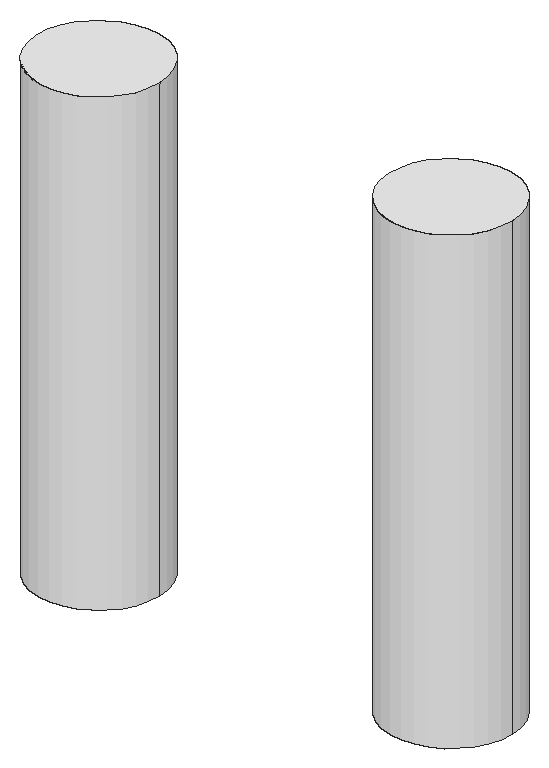
Revit family "51462293(2023)", category Plumbing Fixtures, Revit 2020
Family settings
  Round Connector Dimension = Use Diameter
  Part Type = Normal
  OmniClass Number = 23.45.55.00
  OmniClass Title = Sanitary Faucets, Wastes
  Work Plane-Based = No
  Always vertical = Yes
  Cut with Voids When Loaded = No
  Shared = No
  Room Calculation Point = No
Parameters (values of type "51462293 Washbasin faucet")
  Working Pressure = "50 - 1000 kPa"
  WarrantyStartDate [instance] = "n/a"
  WarrantyGuarantorParts = "n/a"
  WarrantyGuarantorLabor = "n/a"
  WarrantyDurationUnit = "Year"
  WarrantyDurationParts = "n/a"
  WarrantyDurationLabor = "n/a"
  WarrantyDescription = "http://warranty.hansa.com"
  Warranty Information URL = "http://warranty.hansa.com"
  VersionDate = "01/06/2023"
  Version = "1"
  ValvePattern = "n/a"
  ValveOperation = "n/a"
  ValveMechanism = "n/a"
  Uniclass2015Reference = "Pr_40_20_87_96"
  Uniclass2015Description = "Washbasin manual water supply sets"
  Uniclass2 = "Pr_40_30_96_96"
  URL REACH = "http://static.hansa.com/doc/reach"
  URL Materials Declaration = "http://www.hansa.com/fileadmin/resources/182300_51462293_materialsdeclaration.pdf"
  URL Environmental Product Declaration EPD = "http://www.hansa.com/fileadmin/resources/184523_EPD_Washbasin faucet.pdf"
  URL EcoLabel Declaration = "http://static.hansa.com/doc/EcoLabel"
  URL EU Packaging Declaration = "http://static.hansa.com/doc/packaging"
  URL Declaration of SCIP = "http://static.hansa.com/doc/SCIP"
  URL Declaration of Conformity = "http://static.hansa.com/DoC/51462293"
  URL Declaration of Asbestos = "http://static.hansa.com/doc/asbestos"
  URL Declaration Of Performance (DOP) = "http://static.hansa.com/doc/DoP"
  URL = ""
  UNSPSC Class Number = "30181700 Faucets or taps"
  TestPressure = "n/a"
  Temperature Adjustments = "Limitation option for maximum temperature and flow-rate ;Adjustable hot water stop (included, retrofittable)"
  Temperature = "Temperature limiter;Temperature limiter (retrofittable)"
  Technical DataSheet URL = "http://www.hansa.com/datasheet/51462293/en"
  TagNumber [instance] = "n/a"
  SustainabilityPerformance = "n/a"
  Surface treatment = "Chrome"
  Spout Type = "Fixed spout"
  Spout Projection = "103 mm"
  Spare-Part Information URL = "http://static.hansa.com/sp/51462293"
  Size = "Faucet:50x137x140 mm / Hand shower: 46x64x286 mm"
  Shower Parts = "Hand shower;Shower holder;Shower hose (1600 mm)"
  Shape = "Sculptured"
  SerialNumber [instance] = "n/a"
  Sales Package dimensions (LxWxH) = "540 x 146 x 59"
  Revision = "n/a"
  ReplacementCost = "n/a"
  ProductInformation = "Washbasin faucet with Bidetta hand shower"
  Product URL = "http://static.hansa.com/51462293"
  Product Image URL = "http://static.hansa.com/image/51462293"
  Product Family = "HANSAPOLO "
  Product Code = "51462293"
  OperatingMechanismMaterial = "n/a"
  Noise Class = "I (ISO3822)"
  Name_en = "51462293 Washbasin faucet"
  Name = "51462293 Washbasin faucet"
  NBSReference = "45-35-70/371"
  NBSDescription = "Water supply fittings for wash basins and troughs"
  Mounting Holes = "1 hole"
  ModelReference = "51462293"
  ModelNumber = "n/a"
  Model = "51462293 Washbasin faucet"
  Mobile Product Information URL = "http://mpi.hansa.com/51462293"
  Mechanical Parts = "ø 35 mm ceramic cartridge for flow and temperature control"
  Max. Hot Water Supply = 70 °C
  Material = "Brass"
  Market = "Austria;Belgium;Czech Republic;Germany;Spain;France;International;Italy;Netherlands;Slovakia"
  ManufacturerURL = "http://www.hansa.com"
  ManufacturerName = "HANSA"
  Manufacturer = "HANSA"
  Lever Handle = "Hot/Cold symbols;Single operating lever/handle"
  Interactive AR View URL = "https://static.hansa.com/AR/51462293"
  InstallationDate [instance] = "n/a"
  Installation and Maintenance Guide URL = "http://static.hansa.com/manual/51462293"
  Installation Type = "Deck mounted"
  InletConnectionSize = 8 mm
  IfcExportType = "FAUCET"  # constant formula
  IfcExportAs = "IfcValveType"  # constant formula
  HandShowerNominalWidth = 49.3 mm
  HandShowerNominalHeight = 296.7 mm
  HandShowerNominalDepth = 64.3 mm
  HandShowerDefaultElevation [instance] = 900 mm
  Hand Shower = "Bidetta hand shower"
  Group = "Washbasin faucet"
  Grade = "n/a"
  FlowCoefficient = 0
  Flow Rate At 300kPa With Flow Controller = 0.1 L/s
  Flow Rate At 300kPa = 0.15 L/s
  Flow Drawing URL = "http://static.hansa.com/flowchart/51462293"
  Finish = "Polished"
  Features = "Single-lever;Bidetta"
  FaucetNominalWidth = 49 mm
  FaucetNominalHeight = 137 mm
  FaucetNominalDepth = 137 mm
  FaucetMainMaterial = Brass
  FaucetDefaultElevation [instance] = 900 mm
  FDV Document URL = "http://www.hansa.com/datasheet/51462293/en/fdv"
  ExpectedLife = "n/a"
  Excluded Items = "Without pop-up waste"
  ETIM Class Number = "EC011328 Washbasin mixing tap"
  EN Standard = "EN 817, EN 1113"
  EAN Number = "4057304002847"
  DurationUnit = "Year"
  DistanceY-Axis [instance] = 100 mm
  DistanceX-Axis [instance] = 100 mm
  Dimension Drawing URL = "http://static.hansa.com/dimdrw/51462293"
  Description = ""
  Default Elevation = 0 mm
  Constituents = "Single lever, Bidetta"
  Connection Size = "G3/8"
  Connection = "Flexible inlet pipes"
  Color = "Chrome"
  CodePerformance = "n/a"
  CloseOffRating = 0
  Category = "Washbasin"
  Catalog Drawing URL = "http://static.hansa.com/catdrw/51462293"
  CO2 Emissions (D) = -6.99
  CO2 Emissions (C4) = 0.07
  CO2 Emissions (C3) = 0.02
  CO2 Emissions (C2) = 0.02
  CO2 Emissions (B7) = 1854
  CO2 Emissions (A4) = 0.27
  CO2 Emissions (A1-A3) = 9.82
  Brand = "HANSA"
  BodyMaterial = "Brass"
  Barcode [instance] = "n/a"
  Backflow Prevention EN1717 = "HC"
  BIMObjectName = "51462293(2023)"
  Author = "BIMStone"
  AssetType = "Fixed"
  AssetIdentifier [instance] = "n/a"
  Ambience photo = "http://static.hansa.com/ambience/51462293"
  Aerator = "PCA® - constant flow rate regardless of pressure variations"
  Advanced Features = "Inner body made of DZR brass;Rapid installation system"
  Additional Features = "protected against back-flow in domestic use (according to DIN EN 1717)"
  AccessibilityPerformance = "n/a"
  3D View = "https://static.hansa.com/AR/51462293"
  2D/3D/BIM Files URL = "http://static.hansa.com/bim/51462293"
Reference planes
  plane 1 "Center (Front/Back)": y = 0
  plane 2: z = 0
  plane 3 "Center (Left/Right)": x = 0
  plane 4: x = -24.5
  plane 5: x = 24.5
  plane 6: z = 1037
  plane 7: z = 900
  plane 8: z = 870
  plane 9: y = -137
  plane 10: x = 75.35
  plane 11: x = 100
  plane 12: x = 124.65
  plane 13: y = 35.7
  plane 14: y = 100
  plane 15: z = 900
  plane 16: z = 1196.7
Forms (mm)
  Extrusion 1, solid, material "Brass" <- "FaucetMainMaterial"
    sketch origin (0, 5.5, 0) x (1, 0, 0) y (0, 1, 0)
      loop
        circle (-11.5, -29) r 4
      loop
        circle (11.5, -29) r 4
    from 870 to 900
Dimensions and locks
  equal spacing: plane 4, plane 3 "Center (Left/Right)", plane 5
  "FaucetNominalHeight": plane 6 to plane 7
  "FaucetDefaultElevation": plane 7 to level
  locked: plane 7 to plane 8 at 30
  "FaucetNominalDepth": plane 9 to plane 1 "Center (Front/Back)"
  "FaucetNominalWidth": plane 4 to plane 5
  equal spacing: plane 10, plane 11, plane 12
  "HandShowerNominalWidth": plane 10 to plane 12
  "HandShowerNominalDepth": plane 14 to plane 13
  "DistanceX-Axis": plane 3 "Center (Left/Right)" to plane 11
  "HandShowerNominalHeight": plane 16 to plane 15
  "HandShowerDefaultElevation": plane 15 to level
  "DistanceY-Axis": plane 14 to plane 1 "Center (Front/Back)"
  "InletConnectionSize": diameter of Extrusion 1 sketch curve  (x2)
  aligned and locked: level to plane 2
  aligned and locked: plane 7 to Extrusion 1
  aligned and locked: Extrusion 1 to plane 8
  aligned and locked: nested 2 to plane 14
  aligned and locked: plane 11 to nested 2
  aligned and locked: plane 7 to nested 3
  aligned and locked: nested 4 to plane 14
  aligned and locked: plane 15 to nested 4
Automatic sketch dimensions
  Extrusion 1 sketch curve to plane 3 "Center (Left/Right)" = 11.5 mm
  plane 3 "Center (Left/Right)" to Extrusion 1 sketch curve = 11.5 mm
  plane 1 "Center (Front/Back)" to Extrusion 1 sketch curve = 23.5 mm
  Extrusion 1 sketch curve to Extrusion 1 sketch curve = 0 mm
Nested families
  nested 1: "Symbol" at (0, 0, 0), type "Symbol", detail levels coarse
  nested 2: "Symbol" at (100, 100, 0), type "Symbol", detail levels coarse
  nested 3: "51462293_p" at (0, 0, 900), type "51462293_p"
  nested 4: "Bidetta_handshower" at (100, 100, 900), type "Bidetta_handshower"
Connectors
  piping at (-11.5, -23.5, 870), diameter 8, driven by "InletConnectionSize"
    settings: on Extrusion 1, index 1, connector inside diameter 609.6 mm, connector length 0 mm, flow factor 0, pipe flow 0.1 L/s, pressure drop 0.0 Pa, fitting loss kfactor 0, connector angle 0.00°, fixture units 0, engagement length 0 mm, angle of deflection 0.00°, flow configuration 1, flow direction 1, fitting loss method 0, system type 19, joint type 0, gender type 0, connector reference index -1, connector utility 0, adjustable connector no, is connector primary yes, connector description ""
  piping at (11.5, -23.5, 870), diameter 8, driven by "InletConnectionSize"
    settings: on Extrusion 1, index 2, connector inside diameter 609.6 mm, connector length 0 mm, flow factor 0, pipe flow 0.1 L/s, pressure drop 0.0 Pa, fitting loss kfactor 0, connector angle 0.00°, fixture units 0, engagement length 0 mm, angle of deflection 0.00°, flow configuration 1, flow direction 1, fitting loss method 0, system type 20, joint type 0, gender type 0, connector reference index -1, connector utility 0, adjustable connector no, is connector primary no, connector description ""
Definition of nested family "Symbol"
  Reference planes
    plane 1: y = 0
    plane 2: x = 0
  Lines and regions (mm)
    detail lines
      curve 1: line (0, 0, 0) -> (0, -1.8, 0)
      curve 2: line (-0.4, -1.1, 0) -> (0.4, -1.1, 0)
      curve 3: line (-0.4, -1.4, 0) -> (0.4, -1.4, 0)
      curve 4: line (0.863, 0, 0) -> (-0.863, 0, 0)
      curve 5: circle (-1.163, 0, 0) r 0.3 normal (0, 0, -1)
      curve 6: circle (1.163, 0, 0) r 0.3 normal (0, 0, 1)
Definition of nested family "51462293_p"
  Parameters (values of type "3910 Washbasin faucet")
    WorkingPressure = "50 - 1000 kPa"
    WarrantyStartDate [instance] = "n/a"
    WarrantyGuarantorParts = "n/a"
    WarrantyGuarantorLabor = "n/a"
    WarrantyDurationUnit = "Year"
    WarrantyDurationParts = "n/a"
    WarrantyDurationLabor = "n/a"
    WarrantyDescription = "http://warranty.oras.com"
    VersionDate = "15/03/2019"  # constant formula
    Version = "1"  # constant formula
    ValvePattern = "n/a"
    ValveOperation = "n/a"
    ValveMechanism = "n/a"
    VVS Number = "701240004"
    Usage Group = "Households"
    Uniclass2015Reference = "Pr_40_20_87_78"
    Uniclass2015Description = "Shower manual water supply sets"
    Uniclass2 = "Pr_40_30_96_78"
    URL ABP = "http://static.oras.com/ABP/3910"
    URL = ""
    TestPressure = "n/a"
    Temperature = "Temperature limiter"
    TagNumber [instance] = "n/a"
    SustainabilityPerformance = "n/a"
    Spout Type = "Fixed spout"
    Spare Parts = "http://static.oras.com/sp/3910F"
    Size = "48.5x137x136 mm"
    Shape = "Sculptured"
    SerialNumber [instance] = "n/a"
    Revision = "n/a"
    ReplacementCost = "n/a"
    ProductInformation = "Washbasin faucet with fixed spout and aerator"
    Product URL = "http://static.oras.com/3910"
    Product Image URL = "http://static.oras.com/image/3910"
    Product Family = "Oras Saga"
    Product Datasheet = "http://www.oras.com/datasheet/3910/en"
    Product Code = "3910F"
    Pressure Loss With Flow 01ls = 200000.0 Pa
    Pipes = "Copper inlet pipe(s)"
    Package external Dimensions = "540 x 146 x 59"
    Package Weight = "1.208 kg"
    OperatingMechanismMaterial = "n/a"
    NominalWidth = 48.5 mm
    NominalHeight = 137 mm
    NominalDepth = 137 mm
    Noise Class = "I (ISO 3822) Oras lab."
    Name_en = "3910 Washbasin faucet"
    Name = "3910 Washbasin faucet"
    NBSReference = "45-35-70/315"
    NBSDescription = "Water supply fittings for baths"
    Mounting Holes = "1 mounting hole"
    ModelReference = "3910"
    ModelNumber = "n/a"
    Model = "3910 Washbasin faucet"
    Max. Hot Water Supply = 80 °C
    Material = "Brass"
    Market = "INT;DNK;POL;RUS;EST;LTU;LVA;UKR"
    ManufacturerName = "Oras"
    Manufacturer = "Oras"
    ManufacterURL = "http://www.oras.com/"
    Long Marketing = "Washbasin faucet with fixed spout and aerator. There are also in-built limitation options for water temperature and maximum flow-rate. Flow controller 6.0 l/min."
    InstallationDate [instance] = "n/a"
    Installation and Maintenance = "http://static.oras.com/manual/3910F"
    Installation Type = "Deck mounted"
    InletConnectionSize = 10 mm
    IfcExportType = "FAUCET"  # constant formula
    IfcExportAs = "IfcValveType"  # constant formula
    Group = ""
    Grade = "n/a"
    FlowCoefficient = 0
    Flow Rate At 300kPa With Flow Controller = 0.1 L/s
    Flow Drawing URL = "http://static.oras.com/flowchart/3910"
    Flow = "Limitation option for maximum flow rate"
    Finish = "Polished"
    Features = "Limitation option for maximum flow rate"
    FaucetMainMaterial = none
    FDV Document URL = "http://www.oras.com/datasheet/3910/en/fdv"
    ExpectedLife = "n/a"
    EN Standard = "EN 817"
    EAN Number = "6414150077791"
    DurationUnit = "Year"
    Dimension Drawing URL = "http://static.oras.com/dimdrw/3910"
    Description = "Washbasin faucet with fixed spout and aerator"
    DefaultElevation [instance] = 900 mm
    Default Elevation = 0 mm
    Customs Code = "84818011"
    ConvergoRefNr = "0087-1803-0031-FI"
    Constituents = "Single lever"
    Connection Size = "Ø10 mm"
    Color = "Chrome"
    CodePerformance = "n/a"
    CloseOffRating = 0
    Class = "Single lever"
    Category = "Bathroom"
    Catalog Drawing URL = "http://static.oras.com/catdrw/3910"
    Brand = "Oras"
    BodyMaterial = "Brass"
    Barcode [instance] = "n/a"
    BIMObjectName = "3910(2016)"
    Author = "Convergo AB"  # constant formula
    AssetType = "Fixed"
    AssetIdentifier [instance] = "n/a"
    Approval KIWA SE Type Approval = "1413"
    AccessibilityPerformance = "n/a"
    2D/3D/BIM Files URL = "http://static.oras.com/bim/3910"
  Reference planes
    plane 1 "Center (Front/Back)": y = 0
    plane 2: z = 0
    plane 3 "Center (Left/Right)": x = 0
    plane 4: y = -137
    plane 5: x = -24.25
    plane 6: x = 24.25
    plane 7: z = 137
  Forms (mm)
    Extrusion 1, solid, material <- "FaucetMainMaterial", detail levels medium
      sketch origin (0, 0, -900) x (0, 1, 0) y (0, 0, 1)
        loop
          line (-11.837, 1037) -> (-124.122, 1037) -> (-122.074, 1028.126) -> (-62.2, 1027.177)
          arc (-62.2, 1027.177) -> (-58.651, 1025.78) -> (-57.131, 1022.282) r 4.983
          line (-57.131, 1022.282) -> (-56.683, 996.618) -> (-137, 989.601) -> (-137, 987.69) -> (-131.699, 983.242) -> (-135.856, 977.305) -> (-116.182, 963.529) -> (-114.062, 966.556) -> (-77.551, 967.193)
          arc (-77.551, 967.193) -> (-59.309, 959.809) -> (-50.685, 942.118) r 27.474
          line (-50.685, 942.118) -> (-47, 900) -> (0, 900) -> (-11.837, 1037)
      from -24.25 to 24.25
    Extrusion 2, solid, material <- "FaucetMainMaterial", detail levels coarse
      sketch origin (0, 0, -898) x (1, 0, 0) y (0, 1, 0)
        loop
          line (-24.25, 0) -> (-24.25, -137) -> (24.25, -137) -> (24.25, 0) -> (-24.25, 0)
      from 898 to 1035
  Lines and regions (mm)
    symbolic lines, detail levels medium+fine
      curve 1: line (0, 0, 0) -> (0, -47, 0)
      curve 2: line (0, -47, 0) -> (0, -50.685, 42.118)
      curve 3: arc (0, -50.685, 42.118) -> (0, -59.309, 59.809) -> (0, -77.551, 67.193) r 27.474
      curve 4: line (0, -77.551, 67.193) -> (0, -109.985, 66.627)
      curve 5: arc (0, -109.985, 66.627) -> (0, -111.706, 66.9) -> (0, -113.23, 67.744) r 5.017
      curve 7: line (0, -136.087, 89.68) -> (0, -56.683, 96.618)
      curve 8: line (0, -56.683, 96.618) -> (0, -57.131, 122.282)
      curve 9: arc (0, -57.131, 122.282) -> (0, -58.651, 125.78) -> (0, -62.2, 127.177) r 4.983
      curve 10: line (0, -62.2, 127.177) -> (0, -118.76, 128.074)
      curve 11: arc (0, -118.76, 128.074) -> (0, -121.312, 128.98) -> (0, -122.794, 131.248) r 4.237
      curve 12: line (0, -122.794, 131.248) -> (0, -123.357, 133.686)
      curve 13: arc (0, -123.357, 133.686) -> (0, -123.101, 134.795) -> (0, -122.07, 135.277) r 1.299
      curve 14: line (0, -122.07, 135.277) -> (0, -83.546, 136.623)
      curve 15: arc (0, -83.546, 136.623) -> (0, -75.229, 136.862) -> (0, -66.91, 137) r 680.589
      curve 16: arc (0, -66.91, 137) -> (0, -40.52, 136.693) -> (0, -14.169, 135.22) r 597.328
      curve 17: arc (0, -14.169, 135.22) -> (0, -13.191, 134.767) -> (0, -12.746, 133.786) r 1.547
      curve 18: line (0, -12.746, 133.786) -> (0, -9.744, 114.834)
      curve 19: line (0, -9.744, 114.834) -> (0, -15.314, 111.619)
      curve 20: arc (0, -15.314, 111.619) -> (0, -12.568, 106.368) -> (0, -11.235, 100.594) r 23.302
      curve 21: arc (0, -137, 88.684) -> (0, -136.737, 89.36) -> (0, -136.087, 89.68) r 1
      curve 22: arc (0, -137, 88.156) -> (0, -136.906, 87.733) -> (0, -136.643, 87.39) r 1
      curve 23: line (0, -137, 88.684) -> (0, -137, 88.156)
      curve 24: line (0, -116.182, 63.529) -> (0, -135.856, 77.305)
      curve 25: line (0, -131.699, 83.242) -> (0, -135.856, 77.305)
      curve 26: line (0, -113.23, 67.744) -> (0, -116.182, 63.529)
      curve 27: line (0, -131.699, 83.242) -> (0, -136.643, 87.39)
      curve 31: line (0, -11.235, 100.594) -> (0, -8.819, 100.805)
      curve 33: line (0, -137, 0) -> (-6.831, -137, 0)
      curve 34: arc (-6.831, -137, 0) -> (-9.954, -136.71, 0) -> (-12.97, -135.849, 0) r 16.95
      curve 35: arc (-12.97, -135.849, 0) -> (-13.9, -135.32, 0) -> (-14.637, -134.545, 0) r 3.659
      curve 36: arc (-14.637, -134.545, 0) -> (-15.74, -132.603, 0) -> (-16.449, -130.485, 0) r 11.565
      curve 37: line (-16.449, -130.485, 0) -> (-22.722, -40.776, 0)
      curve 38: line (0, -137, 0) -> (6.831, -137, 0)
      curve 39: arc (6.831, -137, 0) -> (9.954, -136.71, 0) -> (12.97, -135.849, 0) r 16.95
      curve 40: arc (12.97, -135.849, 0) -> (13.9, -135.32, 0) -> (14.637, -134.545, 0) r 3.659
      curve 41: arc (14.637, -134.545, 0) -> (15.74, -132.603, 0) -> (16.449, -130.485, 0) r 11.565
      curve 42: line (16.449, -130.485, 0) -> (22.722, -40.776, 0)
      curve 44: spline (23.357, -26.09, 0) -> (23.666, -27.298, 0) -> (23.911, -28.52, 0) -> (24.09, -29.752, 0) -> (24.203, -30.993, 0) -> (24.249, -32.237, 0) -> (24.228, -33.482, 0) -> (24.141, -34.725, 0) -> (23.988, -35.961, 0) -> (23.769, -37.187, 0) -> (23.484, -38.401, 0) -> (23.135, -39.598, 0) -> (22.722, -40.776, 0)
      curve 45: arc (23.357, -26.09, 0) -> (0, 0, 0) -> (-23.357, -26.09, 0) r 23.5
      curve 54: spline (-22.722, -40.776, 0) -> (-23.135, -39.598, 0) -> (-23.484, -38.401, 0) -> (-23.769, -37.187, 0) -> (-23.988, -35.961, 0) -> (-24.141, -34.725, 0) -> (-24.228, -33.482, 0) -> (-24.249, -32.237, 0) -> (-24.203, -30.993, 0) -> (-24.09, -29.752, 0) -> (-23.911, -28.52, 0) -> (-23.666, -27.298, 0) -> (-23.357, -26.09, 0)
      curve 59: line (0, 0, 0) -> (0, -8.819, 100.805)
      curve 60: line (0, 0, 0) -> (-23.5, 0, 0)
      curve 61: line (-23.5, 0, 0) -> (-23.5, 0, 98.12)
      curve 62: spline (-24.25, 0, 102.285) -> (-24.238, 0, 102.205) -> (-24.201, 0, 102.125) -> (-24.14, 0, 102.045) -> (-24.055, 0, 101.966) -> (-23.945, 0, 101.886) -> (-23.812, 0, 101.808) -> (-23.654, 0, 101.729) -> (-23.472, 0, 101.651) -> (-23.267, 0, 101.574) -> (-23.039, 0, 101.498) -> (-22.787, 0, 101.422) -> (-22.512, 0, 101.347)
      curve 63: arc (-24.25, 0, 102.285) -> (-23.247, 0, 117.942) -> (-21.807, 0, 133.565) r 561.53
      curve 64: line (-20.482, 0, 135.174) -> (-14.32, 0, 136.261)
      curve 65: arc (-14.32, 0, 136.261) -> (-9.879, 0, 136.835) -> (-5.404, 0, 137) r 48.793
      curve 66: line (-5.404, 0, 137) -> (0, 0, 137)
      curve 68: line (-22.633, 0, 98.988) -> (-22.512, 0, 101.347)
      curve 69: arc (-22.633, 0, 98.988) -> (-23.246, 0, 98.734) -> (-23.5, 0, 98.12) r 0.867
      curve 70: arc (-20.482, 0, 135.174) -> (-21.441, 0, 134.614) -> (-21.807, 0, 133.565) r 1.605
      curve 92: line (0, 0, 0) -> (23.5, 0, 0)
      curve 93: line (23.5, 0, 0) -> (23.5, 0, 98.12)
      curve 94: spline (24.25, 0, 102.285) -> (24.238, 0, 102.205) -> (24.201, 0, 102.125) -> (24.14, 0, 102.045) -> (24.055, 0, 101.966) -> (23.945, 0, 101.886) -> (23.812, 0, 101.808) -> (23.654, 0, 101.729) -> (23.472, 0, 101.651) -> (23.267, 0, 101.574) -> (23.039, 0, 101.498) -> (22.787, 0, 101.422) -> (22.512, 0, 101.347)
      curve 95: arc (24.25, 0, 102.285) -> (23.247, 0, 117.942) -> (21.807, 0, 133.565) r 561.53
      curve 96: line (20.482, 0, 135.174) -> (14.32, 0, 136.261)
      curve 97: arc (14.32, 0, 136.261) -> (9.879, 0, 136.835) -> (5.404, 0, 137) r 48.793
      curve 98: line (5.404, 0, 137) -> (0, 0, 137)
      curve 99: line (22.633, 0, 98.988) -> (22.512, 0, 101.347)
      curve 100: arc (22.633, 0, 98.988) -> (23.246, 0, 98.734) -> (23.5, 0, 98.12) r 0.867
      curve 101: arc (20.482, 0, 135.174) -> (21.441, 0, 134.614) -> (21.807, 0, 133.565) r 1.605
    symbolic lines, detail levels fine
      curve 6: line (0, -113.23, 67.744) -> (0, -131.699, 83.242)
      curve 28: line (0, -15.314, 111.619) -> (0, -31.179, 102.459)
      curve 29: line (0, -56.746, 100.222) -> (0, -31.179, 102.459)
      curve 30: line (0, -56.683, 96.618) -> (0, -11.235, 100.594)
      curve 32: spline (-16.871, -49.542, 0) -> (-17.505, -48.918, 0) -> (-18.114, -48.272, 0) -> (-18.699, -47.604, 0) -> (-19.258, -46.915, 0) -> (-19.791, -46.206, 0) -> (-20.296, -45.479, 0) -> (-20.774, -44.734, 0) -> (-21.223, -43.971, 0) -> (-21.643, -43.194, 0) -> (-22.033, -42.401, 0) -> (-22.393, -41.595, 0) -> (-22.722, -40.776, 0)
      curve 43: spline (-23.357, -26.09, 0) -> (-21.412, -21.325, 0) -> (-18.468, -17.081, 0) -> (-14.662, -13.556, 0) -> (-10.172, -10.913, 0) -> (-5.207, -9.276, 0) -> (0, -8.722, 0) -> (5.207, -9.276, 0) -> (10.172, -10.913, 0) -> (14.662, -13.556, 0) -> (18.468, -17.081, 0) -> (21.412, -21.325, 0) -> (23.357, -26.09, 0)
      curve 46: line (0, -123.45, 0) -> (-5, -123.45, 0)
      curve 47: arc (-5, -123.45, 0) -> (-8.178, -122.739, 0) -> (-10.749, -120.742, 0) r 7.456
      curve 48: arc (-10.749, -120.742, 0) -> (-11.709, -119.136, 0) -> (-12.144, -117.316, 0) r 6.19
      curve 49: line (-12.144, -117.316, 0) -> (-15.964, -54.466, 0)
      curve 50: line (0, -123.45, 0) -> (5, -123.45, 0)
      curve 51: arc (5, -123.45, 0) -> (8.178, -122.739, 0) -> (10.749, -120.742, 0) r 7.456
      curve 52: arc (10.749, -120.742, 0) -> (11.709, -119.136, 0) -> (12.144, -117.316, 0) r 6.19
      curve 53: line (12.144, -117.316, 0) -> (15.964, -54.466, 0)
      curve 55: spline (22.722, -40.776, 0) -> (22.393, -41.595, 0) -> (22.033, -42.401, 0) -> (21.643, -43.194, 0) -> (21.223, -43.971, 0) -> (20.774, -44.734, 0) -> (20.296, -45.479, 0) -> (19.791, -46.206, 0) -> (19.258, -46.915, 0) -> (18.699, -47.604, 0) -> (18.114, -48.272, 0) -> (17.505, -48.918, 0) -> (16.871, -49.542, 0)
      curve 56: spline (18.875, -45.082, 0) -> (21.467, -38.062, 0) -> (21.469, -30.592, 0) -> (18.881, -23.572, 0) -> (14.014, -17.848, 0) -> (7.457, -14.112, 0) -> (0, -12.815, 0) -> (-7.457, -14.112, 0) -> (-14.014, -17.848, 0) -> (-18.881, -23.572, 0) -> (-21.469, -30.592, 0) -> (-21.467, -38.062, 0) -> (-18.875, -45.082, 0)
      curve 57: arc (-15.964, -54.466, 0) -> (-16.854, -49.598, 0) -> (-18.875, -45.082, 0) r 20.664
      curve 58: arc (15.964, -54.466, 0) -> (16.854, -49.598, 0) -> (18.875, -45.082, 0) r 20.664
      curve 67: spline (-22.512, 0, 101.347) -> (-19.863, 0, 100.838) -> (-16.168, 0, 100.405) -> (-11.62, 0, 100.071) -> (-6.46, 0, 99.854) -> (-0.96, 0, 99.765) -> (4.591, 0, 99.808) -> (9.899, 0, 99.982) -> (14.687, 0, 100.278) -> (18.7, 0, 100.679) -> (21.728, 0, 101.165) -> (23.611, 0, 101.71) -> (24.25, 0, 102.285)
      curve 71: line (-15.899, 0, 134.548) -> (-15.72, 0, 131.125)
      curve 72: arc (-15.72, 0, 131.125) -> (-14.393, 0, 128.344) -> (-11.489, 0, 127.315) r 4.026
      curve 73: line (-11.489, 0, 127.315) -> (0, 0, 127.315)
      curve 74: arc (-14.32, 0, 136.261) -> (-15.47, 0, 135.737) -> (-15.899, 0, 134.548) r 1.629
      curve 75: spline (-22.633, 0, 98.988) -> (-21.861, 0, 98.451) -> (-19.6, 0, 97.951) -> (-16.004, 0, 97.522) -> (-11.316, 0, 97.193) -> (-5.858, 0, 96.986) -> (0, 0, 96.915) -> (5.858, 0, 96.986) -> (11.316, 0, 97.193) -> (16.004, 0, 97.522) -> (19.6, 0, 97.951) -> (21.861, 0, 98.451) -> (22.633, 0, 98.988)
      curve 76: spline (10.74, 0, 70.347) -> (10.374, 0, 71.955) -> (9.301, 0, 73.453) -> (7.594, 0, 74.74) -> (5.37, 0, 75.728) -> (2.78, 0, 76.349) -> (0, 0, 76.56) -> (-2.78, 0, 76.349) -> (-5.37, 0, 75.728) -> (-7.594, 0, 74.74) -> (-9.301, 0, 73.453) -> (-10.374, 0, 71.955) -> (-10.74, 0, 70.347) -> (-10.374, 0, 68.738) -> (-9.301, 0, 67.24) -> (-7.594, 0, 65.953) -> (-5.37, 0, 64.965) -> (-2.78, 0, 64.345) -> (0, 0, 64.133) -> (2.78, 0, 64.345) -> (5.37, 0, 64.965) -> (7.594, 0, 65.953) -> (9.301, 0, 67.24) -> (10.374, 0, 68.738) -> (10.74, 0, 70.347)
      curve 77: line (-10.74, 0, 70.347) -> (-10.74, 0, 77.121)
      curve 78: spline (-10.74, 0, 70.633) -> (-11.115, 0, 71.144) -> (-11.425, 0, 71.671) -> (-11.668, 0, 72.211) -> (-11.842, 0, 72.761) -> (-11.948, 0, 73.317) -> (-11.983, 0, 73.877) -> (-11.948, 0, 74.437) -> (-11.842, 0, 74.993) -> (-11.668, 0, 75.543) -> (-11.425, 0, 76.083) -> (-11.115, 0, 76.61) -> (-10.74, 0, 77.121)
      curve 79: line (-11.983, 0, 73.877) -> (-11.983, 0, 76.203)
      curve 80: spline (-11.983, 0, 76.203) -> (-11.574, 0, 78.096) -> (-10.377, 0, 79.86) -> (-8.473, 0, 81.375) -> (-5.991, 0, 82.538) -> (-3.101, 0, 83.269) -> (0, 0, 83.518) -> (3.101, 0, 83.269) -> (5.991, 0, 82.538) -> (8.473, 0, 81.375) -> (10.377, 0, 79.86) -> (11.574, 0, 78.096) -> (11.983, 0, 76.203)
      curve 81: spline (-10.74, 0, 77.121) -> (-9.578, 0, 78.273) -> (-8.088, 0, 79.275) -> (-6.321, 0, 80.092) -> (-4.338, 0, 80.696) -> (-2.207, 0, 81.067) -> (0, 0, 81.192) -> (2.207, 0, 81.067) -> (4.338, 0, 80.696) -> (6.321, 0, 80.092) -> (8.088, 0, 79.275) -> (9.578, 0, 78.273) -> (10.74, 0, 77.121)
      curve 82: line (-23.5, 0, 98.12) -> (-17.681, 0, 88.808)
      curve 83: line (-17.681, 0, 88.808) -> (-16.86, 0, 87.495)
      curve 84: arc (-16.86, 0, 87.495) -> (-15.963, 0, 86.671) -> (-14.771, 0, 86.424) r 2.289
      curve 85: line (-3.71, 0, 87.138) -> (-14.771, 0, 86.424)
      curve 86: arc (-3.71, 0, 87.138) -> (-1.858, 0, 87.301) -> (0, 0, 87.355) r 31.816
      curve 87: line (-23.5, 0, 88.518) -> (-18.651, 0, 77.627)
      curve 88: arc (-18.651, 0, 77.627) -> (-15.357, 0, 72.753) -> (-10.589, 0, 69.307) r 16.858
      curve 89: line (-17.103, 0, 84.092) -> (-17.368, 0, 80.229)
      curve 90: arc (-17.368, 0, 80.229) -> (-16.589, 0, 75.346) -> (-13.751, 0, 71.296) r 11.008
      curve 91: arc (-14.772, 0, 86.423) -> (-16.42, 0, 85.741) -> (-17.103, 0, 84.092) r 2.331
      curve 102: line (15.899, 0, 134.548) -> (15.72, 0, 131.125)
      curve 103: arc (15.72, 0, 131.125) -> (14.393, 0, 128.344) -> (11.489, 0, 127.315) r 4.026
      curve 104: line (11.489, 0, 127.315) -> (0, 0, 127.315)
      curve 105: arc (14.32, 0, 136.261) -> (15.47, 0, 135.737) -> (15.899, 0, 134.548) r 1.629
      curve 106: line (10.74, 0, 70.347) -> (10.74, 0, 77.121)
      curve 107: spline (10.74, 0, 70.633) -> (11.115, 0, 71.144) -> (11.425, 0, 71.671) -> (11.668, 0, 72.211) -> (11.842, 0, 72.761) -> (11.948, 0, 73.317) -> (11.983, 0, 73.877) -> (11.948, 0, 74.437) -> (11.842, 0, 74.993) -> (11.668, 0, 75.543) -> (11.425, 0, 76.083) -> (11.115, 0, 76.61) -> (10.74, 0, 77.121)
      curve 108: line (11.983, 0, 73.877) -> (11.983, 0, 76.203)
      curve 109: line (23.5, 0, 98.12) -> (17.681, 0, 88.808)
      curve 110: line (17.681, 0, 88.808) -> (16.86, 0, 87.495)
      curve 111: arc (16.86, 0, 87.495) -> (15.963, 0, 86.671) -> (14.771, 0, 86.424) r 2.289
      curve 112: line (3.71, 0, 87.138) -> (14.771, 0, 86.424)
      curve 113: arc (3.71, 0, 87.138) -> (1.858, 0, 87.301) -> (0, 0, 87.355) r 31.816
      curve 114: line (23.5, 0, 88.518) -> (18.651, 0, 77.627)
      curve 115: arc (18.651, 0, 77.627) -> (15.357, 0, 72.753) -> (10.589, 0, 69.307) r 16.858
      curve 116: line (17.103, 0, 84.092) -> (17.368, 0, 80.229)
      curve 117: arc (17.368, 0, 80.229) -> (16.589, 0, 75.346) -> (13.751, 0, 71.296) r 11.008
      curve 118: arc (14.772, 0, 86.423) -> (16.42, 0, 85.741) -> (17.103, 0, 84.092) r 2.331
  Dimensions and locks
    aligned and locked: level to plane 2
  Nested families
    nested 1: "Symbol" at (0, 0, 0), type "Symbol", detail levels coarse
  Definition of nested family "Symbol"
    Reference planes
      plane 1: y = 0
      plane 2: x = 0
    Lines and regions (mm)
      detail lines
        curve 1: line (0, 0, 0) -> (0, -1.8, 0)
        curve 2: line (-0.4, -1.1, 0) -> (0.4, -1.1, 0)
        curve 3: line (-0.4, -1.4, 0) -> (0.4, -1.4, 0)
        curve 4: line (0.863, 0, 0) -> (-0.863, 0, 0)
        curve 5: circle (-1.163, 0, 0) r 0.3 normal (0, 0, -1)
        curve 6: circle (1.163, 0, 0) r 0.3 normal (0, 0, 1)
Definition of nested family "Bidetta_handshower"
  Parameters (values of type "Bidetta_handshower")
    Material [instance] = none
    Default Elevation = 0 mm
  Reference planes
    plane 1 "Center (Front/Back)": y = 0
    plane 2: z = 0
    plane 3 "Center (Left/Right)": x = 0
    plane 4: x = 24.632
    plane 5: x = -24.632
    plane 6: y = -64.333
    plane 7: z = 296.661
    plane 8: through (0, -27.5, 286.095) normal (0, -0.5928, 0.8054)
  Forms (mm)
    Revolve 1, solid, material <- "Material", detail levels medium
      sketch origin (0, -0.885, 0.802) x (0, 1, 0) y (0, 0, 1)
        loop
          line (-38.441, -0.802) -> (-26.831, -0.802) -> (-28.096, 29.198) -> (-30.943, 29.198) -> (-30.943, 52.874)
          arc (-30.943, 52.874) -> (-31.529, 54.288) -> (-32.943, 54.874) r 2
          line (-32.943, 54.874) -> (-38.441, 54.874) -> (-38.441, -0.802)
        loop
          arc (-32.996, 57.516) -> (-31.582, 58.102) -> (-30.996, 59.516) r 2
          line (-30.996, 59.516) -> (-30.996, 83.198) -> (-28.192, 83.198) -> (-26.615, 114.245) -> (-26.615, 274.881)
          arc (-26.615, 274.881) -> (-29.942, 284.277) -> (-38.441, 289.484) r 14.93
          line (-38.441, 289.484) -> (-38.441, 57.516) -> (-32.996, 57.516)
        axis (-38.441, 289.484) -> (-38.441, -0.802)
      angle from 0 to 360
    Extrusion 2, solid, material <- "Material", detail levels coarse
      sketch origin (0, 5.432, 0.599) x (0, 1, 0) y (0, 0, 1)
        loop
          line (-5.432, 296.062) -> (-69.765, 296.062) -> (-69.765, -0.599) -> (-5.432, -0.599) -> (-5.432, 296.062)
      from -24.632 to 24.632
    Blend 3, solid, material <- "Material", detail levels medium
      base sketch origin (0, 0, 0) x (1, 0, 0) y (0, 0, 1)
        loop
          arc (0, 290.203) -> (-8.248, 284.931) -> (-11.458, 275.683) r 14.93
          arc (-11.458, 275.683) -> (-8.248, 266.435) -> (0, 261.163) r 14.93
          arc (0, 261.163) -> (8.248, 266.435) -> (11.458, 275.683) r 14.93
          arc (11.458, 275.683) -> (8.248, 284.931) -> (0, 290.203) r 14.93
      top sketch origin (0, 0, 0) x (1, 0, 0) y (0, 0, 1)
        loop
          arc (0, 260.962) -> (12.622, 266.19) -> (17.85, 278.812) r 17.85
          arc (17.85, 278.812) -> (12.622, 291.433) -> (0, 296.662) r 17.85
          arc (0, 296.662) -> (-12.622, 291.433) -> (-17.85, 278.812) r 17.85
          arc (-17.85, 278.812) -> (-12.622, 266.19) -> (0, 260.962) r 17.85
      from 39.326 to 59.568
    Revolve 4, solid, detail levels medium
      sketch origin (0, 0, 0) x (0, 1, 0) y (0, 0, 1)
        loop
          line (-64.318, 156.518) -> (-40.211, 156.518) -> (-40.211, 167.798) -> (-53.049, 167.798)
          arc (-53.049, 167.798) -> (-55.963, 166.537) -> (-57.041, 163.55) r 4
          arc (-57.041, 163.55) -> (-62.093, 161.497) -> (-64.318, 156.518) r 7.31
        axis (-64.318, 156.518) -> (-40.211, 156.518)
      angle from 0 to 360
    Extrusion 5, solid, detail levels medium
      sketch origin (0, 0, 0) x (0, 1, 0) y (0, 0, 1)
        loop
          spline (-58.339, 188.821) -> (-58.371, 191.102) -> (-58.578, 193.232) -> (-58.946, 195.066) -> (-59.45, 196.479) -> (-60.054, 197.374) -> (-60.719, 197.691) -> (-61.399, 197.408) -> (-62.047, 196.543) -> (-62.619, 195.157) -> (-63.077, 193.343) -> (-63.389, 191.226) -> (-63.533, 188.949)
          line (-63.533, 188.949) -> (-64.333, 156.518) -> (-59.135, 156.518) -> (-58.339, 188.821)
      from -8.952 to 9
    Blend 6, solid, material <- "Material", detail levels medium
      base sketch origin (0, 0, 0) x (1, 0, 0) y (0, 0, 1)
        loop
          arc (-23.578, 84.427) -> (-20.467, 78.21) -> (-14.25, 75.1) r 11
          arc (-14.25, 75.1) -> (0, 74.083) -> (14.25, 75.1) r 100.403
          arc (14.25, 75.1) -> (20.467, 78.21) -> (23.578, 84.427) r 11
          arc (23.578, 84.427) -> (24.594, 98.677) -> (23.578, 112.927) r 100.403
          arc (23.578, 112.927) -> (20.467, 119.144) -> (14.25, 122.255) r 11
          arc (14.25, 122.255) -> (0, 123.271) -> (-14.25, 122.255) r 100.403
          arc (-14.25, 122.255) -> (-20.467, 119.144) -> (-23.578, 112.927) r 11
          arc (-23.578, 112.927) -> (-24.594, 98.677) -> (-23.578, 84.427) r 100.403
      top sketch origin (0, 0, 0) x (1, 0, 0) y (0, 0, 1)
        loop
          arc (19.618, 112.36) -> (17.639, 116.316) -> (13.682, 118.295) r 7
          arc (13.682, 118.295) -> (0, 119.271) -> (-13.682, 118.295) r 96.403
          arc (-13.682, 118.295) -> (-17.639, 116.316) -> (-19.618, 112.36) r 7
          arc (-19.618, 112.36) -> (-20.594, 98.677) -> (-19.618, 84.995) r 96.403
          arc (-19.618, 84.995) -> (-17.639, 81.039) -> (-13.682, 79.059) r 7
          arc (-13.682, 79.059) -> (0, 78.083) -> (13.682, 79.059) r 96.403
          arc (13.682, 79.059) -> (17.639, 81.039) -> (19.618, 84.995) r 7
          arc (19.618, 84.995) -> (20.594, 98.677) -> (19.618, 112.36) r 96.403
      from 0 to 11.376
    Blend 7, solid, material <- "Material", detail levels medium
      base sketch origin (0, 0, 0) x (1, 0, 0) y (0, 0, 1)
        loop
          arc (-13.682, 118.295) -> (-17.639, 116.316) -> (-19.618, 112.36) r 7
          arc (-19.618, 112.36) -> (-20.594, 98.677) -> (-19.618, 84.995) r 96.403
          arc (-19.618, 84.995) -> (-17.639, 81.039) -> (-13.682, 79.059) r 7
          arc (-13.682, 79.059) -> (0, 78.083) -> (13.682, 79.059) r 96.403
          arc (13.682, 79.059) -> (17.639, 81.039) -> (19.618, 84.995) r 7
          arc (19.618, 84.995) -> (20.594, 98.677) -> (19.618, 112.36) r 96.403
          arc (19.618, 112.36) -> (17.639, 116.316) -> (13.682, 118.295) r 7
          arc (13.682, 118.295) -> (0, 119.271) -> (-13.682, 118.295) r 96.403
      top sketch origin (0, 0, 0) x (1, 0, 0) y (0, 0, 1)
        loop
          arc (13.399, 116.315) -> (0, 117.271) -> (-13.399, 116.315) r 94.403
          arc (-13.399, 116.315) -> (-16.224, 114.902) -> (-17.638, 112.076) r 5
          arc (-17.638, 112.076) -> (-18.594, 98.677) -> (-17.638, 85.279) r 94.403
          arc (-17.638, 85.279) -> (-16.224, 82.453) -> (-13.399, 81.039) r 5
          arc (-13.399, 81.039) -> (0, 80.083) -> (13.399, 81.039) r 94.403
          arc (13.399, 81.039) -> (16.224, 82.453) -> (17.638, 85.279) r 5
          arc (17.638, 85.279) -> (18.594, 98.677) -> (17.638, 112.076) r 94.403
          arc (17.638, 112.076) -> (16.224, 114.902) -> (13.399, 116.315) r 5
      from 11.376 to 47.238
  Lines and regions (mm)
    symbolic lines, detail levels fine
      curve 1: arc (-11.541, 0, 265.036) -> (0, 0, 260.824) -> (11.541, 0, 265.036) r 17.918
      curve 2: line (-11.541, 0, 117.142) -> (-11.541, 0, 122.606)
      curve 13: arc (0, -47.049, 113.41) -> (0, -47.3, 105.765) -> (0, -47.293, 98.116) r 227.226
      curve 15: line (0, -41.435, 117.212) -> (0, -43.054, 117.212)
      curve 16: line (0, -41.435, 117.212) -> (0, -28.278, 119.295)
      curve 17: arc (0, -43.054, 117.212) -> (0, -45.811, 116.109) -> (0, -47.049, 113.41) r 4
      curve 18: line (0, -41.435, 79.021) -> (0, -43.054, 79.021)
      curve 19: line (0, -41.435, 79.021) -> (0, -37.364, 78.376)
      curve 20: arc (0, -43.054, 79.021) -> (0, -45.3, 79.712) -> (0, -46.771, 81.545) r 4
      curve 34: line (0, -49.551, 167.798) -> (0, -37.802, 161.015)
      curve 35: line (0, -37.802, 161.015) -> (0, -37.802, 152.021)
      curve 39: line (0, -49.551, 145.238) -> (0, -37.802, 152.021)
      curve 58: line (0, -31.881, 78.185) -> (0, -37.364, 78.376)
      curve 60: arc (0, -47.106, 84.038) -> (0, -47.309, 91.076) -> (0, -47.293, 98.116) r 227.226
      curve 61: line (0, -27.428, 119.325) -> (0, -28.278, 119.295)
      curve 62: line (0, -46.771, 30) -> (0, -39.326, 30)
      curve 63: line (0, -31.881, 30) -> (0, -39.326, 30)
      curve 64: line (11.541, 0, 117.142) -> (11.541, 0, 122.606)
      curve 65: line (-8.837, 0, 188.877) -> (-8.837, 0, 158.334)
      curve 66: arc (8.5, 0, 188.877) -> (-0.169, 0, 197.545) -> (-8.837, 0, 188.877) r 8.669
      curve 67: spline (-8.837, 0, 162.862) -> (-10.954, 0, 159.319) -> (-11.522, 0, 155.295) -> (-10.461, 0, 151.36) -> (-7.921, 0, 148.069) -> (-4.262, 0, 145.888) -> (0, 0, 145.125) -> (4.262, 0, 145.888) -> (7.921, 0, 148.069) -> (10.461, 0, 151.36) -> (11.522, 0, 155.295) -> (10.954, 0, 159.319) -> (8.837, 0, 162.862)
      curve 68: line (8.837, 0, 188.877) -> (8.837, 0, 158.334)
      curve 69: arc (-8.837, 0, 158.334) -> (0, 0, 149.497) -> (8.837, 0, 158.334) r 8.837
      curve 81: line (-7.498, 0, 84) -> (-7.498, 0, 74.364)
      curve 83: line (-7.498, 0, 30) -> (0, 0, 30)
      curve 84: arc (-18.648, 0, 107.809) -> (-19.178, 0, 97.956) -> (-18.667, 0, 88.102) r 93.482
      curve 85: arc (-12.509, 0, 117.125) -> (-16.709, 0, 113.212) -> (-18.648, 0, 107.809) r 12.172
      curve 86: arc (-18.667, 0, 88.102) -> (-16.523, 0, 82.418) -> (-11.87, 0, 78.513) r 11.997
      curve 87: arc (-11.861, 0, 78.509) -> (-9.731, 0, 77.719) -> (-7.498, 0, 77.305) r 13.198
      curve 88: arc (-9.129, 0, 111.996) -> (-8.119, 0, 97.8) -> (-8.608, 0, 83.576) r 135.164
      curve 89: arc (-11.086, 0, 116.784) -> (-9.789, 0, 114.52) -> (-9.129, 0, 111.996) r 9.902
      curve 90: arc (-12.509, 0, 117.125) -> (-11.737, 0, 117.208) -> (-11.086, 0, 116.784) r 1.159
      curve 91: arc (-8.608, 0, 83.576) -> (-9.197, 0, 81.124) -> (-10.481, 0, 78.952) r 8.496
      curve 92: arc (-10.481, 0, 78.952) -> (-11.109, 0, 78.525) -> (-11.87, 0, 78.513) r 1.327
      curve 93: arc (18.648, 0, 107.809) -> (19.178, 0, 97.956) -> (18.667, 0, 88.102) r 93.482
      curve 94: arc (12.509, 0, 117.125) -> (16.709, 0, 113.212) -> (18.648, 0, 107.809) r 12.172
      curve 95: arc (18.667, 0, 88.102) -> (16.523, 0, 82.418) -> (11.87, 0, 78.513) r 11.997
      curve 96: arc (9.129, 0, 111.996) -> (8.119, 0, 97.8) -> (8.608, 0, 83.576) r 135.164
      curve 97: arc (11.086, 0, 116.784) -> (9.789, 0, 114.52) -> (9.129, 0, 111.996) r 9.902
      curve 98: arc (12.509, 0, 117.125) -> (11.737, 0, 117.208) -> (11.086, 0, 116.784) r 1.159
      curve 99: arc (8.608, 0, 83.576) -> (9.197, 0, 81.124) -> (10.481, 0, 78.952) r 8.496
      curve 100: arc (10.481, 0, 78.952) -> (11.109, 0, 78.525) -> (11.87, 0, 78.513) r 1.327
      curve 101: line (-8.571, 0, 84) -> (8.571, 0, 84)
      curve 105: line (7.498, 0, 84) -> (7.498, 0, 74.364)
      curve 107: line (7.498, 0, 30) -> (0, 0, 30)
      curve 136: arc (-11.793, -35.489, 0) -> (0, -26.605, 0) -> (11.793, -35.489, 0) r 12.27
      curve 137: arc (-14.903, -46.984, 0) -> (-13.392, -41.225, 0) -> (-11.793, -35.489, 0) r 386.99
      curve 138: arc (14.903, -46.984, 0) -> (13.392, -41.225, 0) -> (11.793, -35.489, 0) r 386.99
      curve 139: line (9, -59.653, 0) -> (0, -59.653, 0)
      curve 140: line (-9, -59.653, 0) -> (0, -59.653, 0)
    symbolic lines, detail levels medium+fine
      curve 3: arc (11.541, 0, 265.036) -> (0, 0, 296.661) -> (-11.541, 0, 265.036) r 17.918
      curve 4: line (0, 0, 122.256) -> (0, 0, 73.977)
      curve 5: line (0, -1.358, 123.189) -> (0, -8.681, 120.379)
      curve 6: line (0, -11.047, 119.897) -> (0, -27.428, 119.325)
      curve 7: arc (0, -8.681, 120.379) -> (0, -9.844, 120.04) -> (0, -11.047, 119.897) r 7.317
      curve 8: arc (0, 0, 122.256) -> (0, -0.434, 123.08) -> (0, -1.358, 123.189) r 1
      curve 9: line (0, -1.358, 74.165) -> (0, -8.681, 76.976)
      curve 10: line (0, -11.047, 77.457) -> (0, -31.881, 78.185)
      curve 11: arc (0, -8.681, 76.976) -> (0, -9.844, 77.315) -> (0, -11.047, 77.457) r 7.317
      curve 12: arc (0, 0, 75.099) -> (0, -0.434, 74.274) -> (0, -1.358, 74.165) r 1
      curve 14: arc (0, -47.049, 82.823) -> (0, -47.078, 83.43) -> (0, -47.106, 84.038) r 227.226
      curve 21: line (0, -27.428, 119.325) -> (0, -27.428, 274.013)
      curve 22: arc (0, -27.428, 274.013) -> (0, -28.083, 278.827) -> (0, -29.997, 283.292) r 18.042
      curve 23: arc (0, -29.997, 283.292) -> (0, -32.409, 286.401) -> (0, -35.489, 288.851) r 16.494
      curve 24: line (0, -35.489, 288.851) -> (0, -58.338, 296.459)
      curve 25: line (0, -59.653, 295.51) -> (0, -59.653, 261.796)
      curve 26: line (0, -58.807, 260.808) -> (0, -50.819, 259.564)
      curve 27: line (0, -49.551, 258.082) -> (0, -49.551, 167.798)
      curve 28: line (0, -49.551, 167.798) -> (0, -53.049, 167.798)
      curve 29: arc (0, -53.049, 167.798) -> (0, -55.963, 166.537) -> (0, -57.041, 163.55) r 4
      curve 30: arc (0, -57.041, 163.55) -> (0, -58.014, 163.481) -> (0, -58.968, 163.284) r 7.31
      curve 31: line (0, -58.339, 188.821) -> (0, -58.968, 163.284)
      curve 32: line (0, -64.321, 156.977) -> (0, -63.533, 188.949)
      curve 33: spline (0, -63.533, 188.949) -> (0, -63.389, 191.226) -> (0, -63.077, 193.343) -> (0, -62.619, 195.157) -> (0, -62.047, 196.543) -> (0, -61.399, 197.408) -> (0, -60.719, 197.691) -> (0, -60.054, 197.374) -> (0, -59.45, 196.479) -> (0, -58.946, 195.066) -> (0, -58.578, 193.232) -> (0, -58.371, 191.102) -> (0, -58.339, 188.821)
      curve 36: line (0, -49.551, 145.238) -> (0, -53.049, 145.238)
      curve 37: arc (0, -53.049, 145.238) -> (0, -55.963, 146.499) -> (0, -57.041, 149.486) r 4
      curve 38: arc (0, -57.041, 149.486) -> (0, -62.255, 151.701) -> (0, -64.321, 156.977) r 7.31
      curve 40: arc (0, -50.819, 259.564) -> (0, -49.911, 259.057) -> (0, -49.551, 258.082) r 1.499
      curve 41: arc (0, -59.653, 295.51) -> (0, -59.238, 296.321) -> (0, -58.338, 296.459) r 1
      curve 42: arc (0, -59.653, 261.796) -> (0, -59.413, 261.145) -> (0, -58.807, 260.808) r 1
      curve 43: line (0, -49.551, 145.238) -> (0, -49.551, 138.467)
      curve 44: line (0, -51.056, 120.197) -> (0, -51.049, 114.5)
      curve 45: arc (0, -50.299, 129.5) -> (0, -50.869, 124.864) -> (0, -51.056, 120.197) r 56.582
      curve 46: arc (0, -49.551, 138.467) -> (0, -49.744, 133.968) -> (0, -50.299, 129.5) r 55.864
      curve 47: line (0, -51.049, 114.5) -> (0, -49.69, 84.515)
      curve 48: line (0, -49.191, 84.038) -> (0, -47.106, 84.038)
      curve 49: arc (0, -49.69, 84.515) -> (0, -49.536, 84.177) -> (0, -49.191, 84.038) r 0.5
      curve 50: line (0, -31.881, 30) -> (0, -31.881, 78.185)
      curve 51: line (0, -28.981, 30) -> (0, -31.881, 30)
      curve 52: line (0, -27.716, 0) -> (0, -28.981, 30)
      curve 53: line (0, -27.716, 0) -> (0, -39.326, 0)
      curve 54: line (0, -46.771, 30) -> (0, -46.771, 81.545)
      curve 55: line (0, -49.671, 30) -> (0, -46.771, 30)
      curve 56: line (0, -50.936, 0) -> (0, -49.671, 30)
      curve 57: line (0, -50.936, 0) -> (0, -39.326, 0)
      curve 59: arc (0, -46.771, 81.545) -> (0, -46.963, 82.172) -> (0, -47.049, 82.823) r 4
      curve 70: arc (-23.578, 0, 112.927) -> (-20.467, 0, 119.144) -> (-14.25, 0, 122.255) r 11
      curve 71: arc (-14.25, 0, 122.255) -> (-12.897, 0, 122.439) -> (-11.541, 0, 122.606) r 100.403
      curve 72: arc (-23.578, 0, 84.427) -> (-24.594, 0, 98.677) -> (-23.578, 0, 112.927) r 100.403
      curve 73: arc (-14.25, 0, 75.1) -> (-20.467, 0, 78.21) -> (-23.578, 0, 84.427) r 11
      curve 74: arc (14.25, 0, 75.1) -> (10.88, 0, 74.675) -> (7.498, 0, 74.364) r 100.403
      curve 75: arc (23.578, 0, 84.427) -> (20.467, 0, 78.21) -> (14.25, 0, 75.1) r 11
      curve 76: arc (23.578, 0, 112.927) -> (24.594, 0, 98.677) -> (23.578, 0, 84.427) r 100.403
      curve 77: arc (14.25, 0, 122.255) -> (20.467, 0, 119.144) -> (23.578, 0, 112.927) r 11
      curve 78: arc (11.541, 0, 122.606) -> (12.897, 0, 122.439) -> (14.25, 0, 122.255) r 100.403
      curve 79: line (-10.345, 0, 30) -> (-11.61, 0, 0)
      curve 80: line (-11.61, 0, 0) -> (0, 0, 0)
      curve 82: line (-7.498, 0, 30) -> (-10.345, 0, 30)
      curve 102: arc (-7.498, 0, 74.364) -> (-10.88, 0, 74.675) -> (-14.25, 0, 75.1) r 100.403
      curve 103: line (10.345, 0, 30) -> (11.61, 0, 0)
      curve 104: line (11.61, 0, 0) -> (0, 0, 0)
      curve 106: line (7.498, 0, 30) -> (10.345, 0, 30)
      curve 108: line (7.498, 0, 74.364) -> (7.498, 0, 30)
      curve 109: line (-7.498, 0, 74.364) -> (-7.498, 0, 30)
      curve 110: line (-11.541, 0, 122.606) -> (-11.541, 0, 265.036)
      curve 111: line (11.541, 0, 122.606) -> (11.541, 0, 265.036)
      curve 112: line (-21.332, -10.77, 0) -> (-19.178, -41.566, 0)
      curve 113: line (-24.602, -0.671, 0) -> (-21.914, -8.04, 0)
      curve 114: line (-24.132, 0, 0) -> (0, 0, 0)
      curve 115: arc (-24.132, 0, 0) -> (-24.542, -0.213, 0) -> (-24.602, -0.671, 0) r 0.5
      curve 116: arc (-21.914, -8.04, 0) -> (-21.527, -9.385, 0) -> (-21.332, -10.77, 0) r 10
      curve 117: arc (-19.178, -41.566, 0) -> (-17.876, -44.934, 0) -> (-14.903, -46.984, 0) r 6.128
      curve 118: arc (-17.763, -59.046, 0) -> (-16.381, -53.004, 0) -> (-14.903, -46.984, 0) r 386.99
      curve 119: line (-17.274, -59.653, 0) -> (-9, -59.653, 0)
      curve 120: line (-9, -61.413, 0) -> (-9, -59.653, 0)
      curve 121: arc (-7.452, -63.361, 0) -> (-3.75, -64.03, 0) -> (0, -64.333, 0) r 38.295
      curve 122: arc (-7.452, -63.361, 0) -> (-8.566, -62.657, 0) -> (-9, -61.413, 0) r 2
      curve 123: arc (-17.274, -59.653, 0) -> (-17.664, -59.467, 0) -> (-17.763, -59.046, 0) r 0.5
      curve 124: line (21.332, -10.77, 0) -> (19.178, -41.566, 0)
      curve 125: line (24.602, -0.671, 0) -> (21.914, -8.04, 0)
      curve 126: line (24.132, 0, 0) -> (0, 0, 0)
      curve 127: arc (24.132, 0, 0) -> (24.542, -0.213, 0) -> (24.602, -0.671, 0) r 0.5
      curve 128: arc (21.914, -8.04, 0) -> (21.527, -9.385, 0) -> (21.332, -10.77, 0) r 10
      curve 129: arc (19.178, -41.566, 0) -> (17.876, -44.934, 0) -> (14.903, -46.984, 0) r 6.128
      curve 130: arc (17.763, -59.046, 0) -> (16.381, -53.004, 0) -> (14.903, -46.984, 0) r 386.99
      curve 131: line (17.274, -59.653, 0) -> (9, -59.653, 0)
      curve 132: line (9, -61.413, 0) -> (9, -59.653, 0)
      curve 133: arc (7.452, -63.361, 0) -> (3.75, -64.03, 0) -> (0, -64.333, 0) r 38.295
      curve 134: arc (7.452, -63.361, 0) -> (8.566, -62.657, 0) -> (9, -61.413, 0) r 2
      curve 135: arc (17.274, -59.653, 0) -> (17.664, -59.467, 0) -> (17.763, -59.046, 0) r 0.5
  Dimensions and locks
    aligned and locked: level to plane 2
